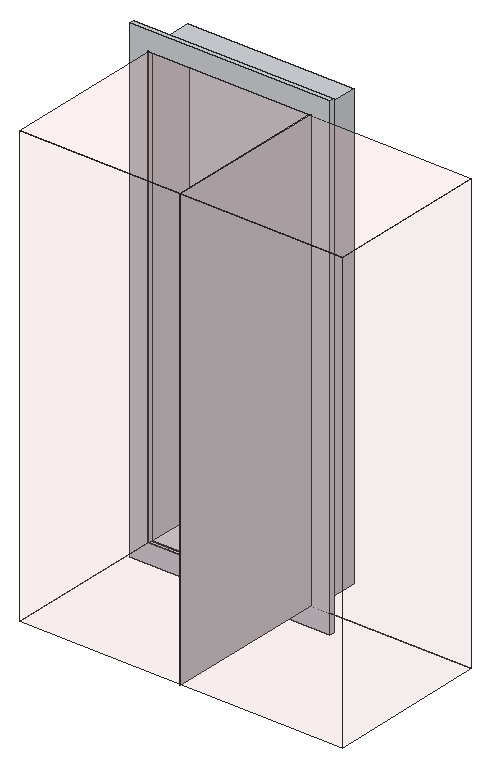
Revit family "Hager-VOLTA-Hollow_wall-IP30-With_Cover-With_DIN-NoHosted-PL-pl", category Electrical Equipment, Revit 2023
Family settings
  Panel Configuration = Two Columns, Circuits Across
  Round Connector Dimension = Use Diameter
  Part Type = Panelboard
  Work Plane-Based = Yes
  Always vertical = Yes
  Cut with Voids When Loaded = No
  Maintain Annotation Orientation = No
  Shared = No
  Room Calculation Point = No
Parameters (values of type "VOLTA-Hollow_wall_W348_H880_D98_0_Modular_Spacing-VH60NWP")
  Width Control [instance] = if([HG000006-Flush mounted-pl], if([EF000846 - Szerokość wbudowania] > min_whd, [EF000846 - Szerokość wbudowania], min_whd), if([EF000008 - Szerokość] > min_whd, ([EF000008 - Szerokość]), min_whd))  # 314.5 mm
  Void Depth [instance] = if([EF000218 - Głębokość wbudowania] > 1 mm, [EF000218 - Głębokość wbudowania], 1 mm)  # 89 mm
  Uniformat code = "D501001"
  Uniformat = "Low Tension Service & Dist."
  Référence = ""
  HGEF0002950-Szerokość wyrażona liczbą modułów = 0
  HGEF000266-Liczba rzędów = 0
  HG000131 - Functional label [instance] = ""
  HG000130 - Functional name [instance] = ""
  HG000099-Onfly Template ID-pl-PL = "507532"
  HG000059-Operating voltage-pl-PL [instance] = 230 V
  HG000017-Distance between poles-pl = 18 mm
  HG000016-Door 3D visibility-pl = yes
  HG000015-Clearance visibility-pl = yes
  HG000014-Door on the right-pl = yes
  HG000013-Door on the left-pl = no
  HG000012-Door swing angle-pl = 90.00°
  HG000011-Empty rows from bottom-pl = no
  HG000010-Asymmetric doors-pl = no
  HG000009-Double swing door-pl = no
  HG000008-Number of empty rows-pl = 0
  HG000007-Number of empty columns-pl = 0
  HG000006-Flush mounted-pl = yes
  HG000005-Thickness-pl = 2 mm
  HG000004-Manufacturer reference-pl = "VH60NWP"
  HG000003-Range-pl = "VOLTA"
  HG000002-with door or cover-pl = yes
  HG000001-Number of columns-pl = 0
  ETIM class name = "Small distribution board"
  ETIM class code = "EC000214"
  EF015941 - Drzwi przepuszczające sygnał = no
  EF015777 - Listwa zaciskowa przewodu neutralnego = no
  EF015776 - Listwa zaciskowa uziemienia = no
  EF009212 - Wykonanie/rodzaj pokrywy = ""
  EF006306 - Z zamkiem = no
  EF006244 - Transparentna pokrywa/drzwi = no
  EF005474 - Stopień ochrony (IP) = "IP30"
  EF004464 - Rodzaj drzwi = ""
  EF004462 - Rodzaj zamknięcia = ""
  EF002950 - Szerokość wyrażona liczbą modułów = 0
  EF001596 - Materiał obudowy = ""
  EF001134 - Szyna DIN = yes
  EF001131 - Głębokość wewnętrzna = 0 mm
  EF001088 - Możliwość rozbudowy = no
  EF001062 - Wykonanie zgodne z Dyrektywą Kompatybilności Elektromagnetycznej EMC = no
  EF000846 - Szerokość wbudowania = 314.5 mm
  EF000339 - Rodzaj pokrywy = ""
  EF000332 - Wysokość wbudowania = 845 mm
  EF000266 - Liczba rzędów = 0
  EF000218 - Głębokość wbudowania = 89 mm
  EF000118 - Z płytą montażową = no
  EF000116 - Numer RAL = 9010
  EF000049 - Głębokość = 98 mm
  EF000040 - Wysokość = 880 mm
  EF000024 - Odporność na promieniowanie UV = no
  EF000008 - Szerokość = 348 mm
  EF000007 - Kolor = ""
  EF000003 - Sposób montażu = "Do ścian pustych"
  Type Comments = ""
  System Height [instance] = Height Control - 2 * [HG000005-Thickness-pl]  # 841 mm
  Reference description = ""
  Reference = "VOLTA-Hollow_wall_W348_H880_D98_0_Modular_Spacing-VH60NWP"
  Panel Name [instance] = ""  # (empty or 0)
  Offset [instance] = 0 mm
  Object type = ""
  Name hager = "ADD_Enclosures_EC000214"
  Name BIM&CO = "Electricity"
  Name = "VOLTA-Hollow_wall-IP30-With_Cover-With_DIN-PL"
  Model = ""
  Level Offset [instance] = [Flush Mounted - Door Frame Width] + Offset  # 35 mm
  HG000060-RAL-number = "9010"
  GTIN (Global Trade Item Number) = ""
  Description = ""
  Default Elevation = 1200 mm
  Creation Date = "12/15/2025 21:47:12"
  Code hager = "ADD-EC000214_EU"
  Code Uniformat = ""
  BIM&CO code = ""
  BC_VARIANT_ID = "1174424"
  BC_OBJECT_VERSION = "#5"  # constant formula
  BC_OBJECT_ID = "513499"  # constant formula
  BC_MODEL_ID = "1547221"  # constant formula
  BC_METADATA = "{\"ObjectGuid\":\"bc35c96e-cb38-443e-833d-0616858cb9ac\",\"ModelGuid\":\"8af03f69-2293-4735-a617-cc53adf55621\",\"VariantGuid\":\"8b6e323b-1b53-409a-a940-11b5a7fc5337\",\"Revision\":\"#4\",\"VariantName\":\"Template-Enclosure_EU-EC000214\"}"
  Arrow Offset [instance] = Depth Control / 8  # 11.125 mm
  Arrow Height [instance] = Depth Control - Arrow Offset  # 77.875 mm
  Host Offset [instance] = if([HG000006-Flush mounted-pl], 0 mm, [EF000049 - Głębokość])  # 0 mm
  min_whd [instance] = (2 * [HG000005-Thickness-pl]) + 1 mm  # 5 mm
  Manufacturer = "Hager"  # constant formula
  Height Control [instance] = if([HG000006-Flush mounted-pl], if([EF000332 - Wysokość wbudowania] > min_whd, [EF000332 - Wysokość wbudowania], min_whd), if([EF000040 - Wysokość] > min_whd, ([EF000040 - Wysokość]), min_whd))  # 845 mm
  Flush Mounted - Door Frame Width [instance] = if(([EF000040 - Wysokość] - [EF000332 - Wysokość wbudowania]) > 0 mm, if([HG000006-Flush mounted-pl], [EF000040 - Wysokość] - [EF000332 - Wysokość wbudowania], 0 mm), 0 mm)  # 35 mm
  Depth Control [instance] = if([HG000006-Flush mounted-pl], if([EF000218 - Głębokość wbudowania] > 0 mm, [EF000218 - Głębokość wbudowania], 1 mm), if([EF000049 - Głębokość] > 0 mm, ([EF000049 - Głębokość]), 1 mm))  # 89 mm
Types (14, lengths in mm): name | Width Control | Void Depth | HGEF0002950-Szerokość wyrażona liczbą modułów | HGEF000266-Liczba rzędów | HG000004-Manufacturer reference-pl | HG000001-Number of columns-pl | EF015777 - Listwa zaciskowa przewodu neutralnego | EF015776 - Listwa zaciskowa uziemienia | EF009212 - Wykonanie/rodzaj pokrywy | EF004462 - Rodzaj zamknięcia | EF002950 - Szerokość wyrażona liczbą modułów | EF001088 - Możliwość rozbudowy | EF000846 - Szerokość wbudowania | EF000332 - Wysokość wbudowania | EF000266 - Liczba rzędów | EF000218 - Głębokość wbudowania | EF000118 - Z płytą montażową | EF000049 - Głębokość | EF000040 - Wysokość | EF000007 - Kolor | System Height | Reference | Level Offset | BC_VARIANT_ID | Arrow Offset | Arrow Height | Height Control | Flush Mounted - Door Frame Width | Depth Control
  VOLTA-Hollow_wall_W348_H356_D98_12_Modular_Spacing-VH12AT | 314.5 | 89 | 12 | 1 | "VH12AT" | 1 | yes | yes | "Z otworem" | "Inne" | 12 | yes | 314.5 | 321 | 1 | 89 | no | 98 | 356 | "Biały" | 317 | "VOLTA-Hollow_wall_W348_H356_D98_12_Modular_Spacing-VH12AT" | 35 | "1174410" | 11.125 | 77.875 | 321 | 35 | 89
  VOLTA-Hollow_wall_W348_H356_D98_12_Modular_Spacing-VH12NE | 314.5 | 89 | 12 | 1 | "VH12NE" | 1 | no | yes | "Z otworem" | "Inne" | 12 | yes | 314.5 | 321 | 1 | 89 | no | 98 | 356 | "Biały" | 317 | "VOLTA-Hollow_wall_W348_H356_D98_12_Modular_Spacing-VH12NE" | 35 | "1174412" | 11.125 | 77.875 | 321 | 35 | 89
  VOLTA-Hollow_wall_W348_H505_D98_12_Modular_Spacing-VH24AT | 314.5 | 89 | 12 | 2 | "VH24AT" | 1 | yes | yes | "Z otworem" | "Inne" | 12 | yes | 314.5 | 470 | 2 | 89 | no | 98 | 505 | "Biały" | 466 | "VOLTA-Hollow_wall_W348_H505_D98_12_Modular_Spacing-VH24AT" | 35 | "1174413" | 11.125 | 77.875 | 470 | 35 | 89
  VOLTA-Hollow_wall_W348_H505_D98_12_Modular_Spacing-VH24NE | 314.5 | 89 | 12 | 2 | "VH24NE" | 1 | no | yes | "Z otworem" | "Inne" | 12 | yes | 314.5 | 470 | 2 | 89 | no | 98 | 505 | "Biały" | 466 | "VOLTA-Hollow_wall_W348_H505_D98_12_Modular_Spacing-VH24NE" | 35 | "1174414" | 11.125 | 77.875 | 470 | 35 | 89
  VOLTA-Hollow_wall_W348_H505_D98_12_Modular_Spacing-VH24NWB | 314.5 | 89 | 12 | 0 | "VH24NWB" | 0 | no | no | "Z otworem" | "Inne" | 12 | yes | 314.5 | 470 | 0 | 89 | yes | 98 | 505 | "Biały" | 466 | "VOLTA-Hollow_wall_W348_H505_D98_12_Modular_Spacing-VH24NWB" | 35 | "1174415" | 11.125 | 77.875 | 470 | 35 | 89
  VOLTA-Hollow_wall_W348_H630_D98_12_Modular_Spacing-VH36AT | 314.5 | 89 | 12 | 3 | "VH36AT" | 1 | yes | yes | "Z otworem" | "Inne" | 12 | yes | 314.5 | 595 | 3 | 89 | no | 98 | 630 | "Biały" | 591 | "VOLTA-Hollow_wall_W348_H630_D98_12_Modular_Spacing-VH36AT" | 35 | "1174416" | 11.125 | 77.875 | 595 | 35 | 89
  VOLTA-Hollow_wall_W348_H630_D98_12_Modular_Spacing-VH36NE | 314.5 | 89 | 12 | 3 | "VH36NE" | 1 | no | yes | "Z otworem" | "Inne" | 12 | yes | 314.5 | 595 | 3 | 89 | no | 98 | 630 | "Biały" | 591 | "VOLTA-Hollow_wall_W348_H630_D98_12_Modular_Spacing-VH36NE" | 35 | "1174417" | 11.125 | 77.875 | 595 | 35 | 89
  VOLTA-Hollow_wall_W348_H630_D98_12_Modular_Spacing-VH36NWB | 314.5 | 89 | 12 | 0 | "VH36NWB" | 0 | no | no | "Z otworem" | "Inne" | 12 | yes | 314.5 | 595 | 0 | 89 | yes | 98 | 630 | "Biały" | 591 | "VOLTA-Hollow_wall_W348_H630_D98_12_Modular_Spacing-VH36NWB" | 35 | "1174418" | 11.125 | 77.875 | 595 | 35 | 89
  VOLTA-Hollow_wall_W348_H755_D98_12_Modular_Spacing-VH48AT | 314.5 | 89 | 12 | 4 | "VH48AT" | 1 | yes | yes | "Z otworem" | "Inne" | 12 | yes | 314.5 | 720 | 4 | 89 | no | 98 | 755 | "Biały" | 716 | "VOLTA-Hollow_wall_W348_H755_D98_12_Modular_Spacing-VH48AT" | 35 | "1174419" | 11.125 | 77.875 | 720 | 35 | 89
  VOLTA-Hollow_wall_W348_H755_D98_12_Modular_Spacing-VH48NE | 314.5 | 89 | 12 | 4 | "VH48NE" | 1 | no | yes | "Z otworem" | "Inne" | 12 | yes | 314.5 | 720 | 4 | 89 | no | 98 | 755 | "Biały" | 716 | "VOLTA-Hollow_wall_W348_H755_D98_12_Modular_Spacing-VH48NE" | 35 | "1174420" | 11.125 | 77.875 | 720 | 35 | 89
  VOLTA-Hollow_wall_W348_H755_D98_12_Modular_Spacing-VH48NWB | 314.5 | 89 | 12 | 0 | "VH48NWB" | 0 | no | no | "Z otworem" | "Inne" | 12 | yes | 314.5 | 720 | 0 | 89 | yes | 98 | 755 | "Biały" | 716 | "VOLTA-Hollow_wall_W348_H755_D98_12_Modular_Spacing-VH48NWB" | 35 | "1174421" | 11.125 | 77.875 | 720 | 35 | 89
  VOLTA-Hollow_wall_W348_H880_D98_12_Modular_Spacing-VH60NC | 314.5 | 89 | 12 | 5 | "VH60NC" | 1 | no | no | "" | "" | 12 | no | 314.5 | 846 | 5 | 89 | no | 98 | 880 | "" | 842 | "VOLTA-Hollow_wall_W348_H880_D98_12_Modular_Spacing-VH60NC" | 34 | "1174422" | 11.125 | 77.875 | 846 | 34 | 89
  VOLTA-Hollow_wall_W348_H880_D94_12_Modular_Spacing-VH60NE | 314 | 90 | 12 | 5 | "VH60NE" | 1 | no | yes | "Z otworem" | "Inne" | 12 | yes | 314 | 846 | 5 | 90 | no | 94 | 880 | "Biały" | 842 | "VOLTA-Hollow_wall_W348_H880_D94_12_Modular_Spacing-VH60NE" | 34 | "1174423" | 11.25 | 78.75 | 846 | 34 | 90
  VOLTA-Hollow_wall_W348_H880_D98_0_Modular_Spacing-VH60NWP | 314.5 | 89 | 0 | 0 | "VH60NWP" | 0 | no | no | "" | "" | 0 | no | 314.5 | 845 | 0 | 89 | no | 98 | 880 | "" | 841 | "VOLTA-Hollow_wall_W348_H880_D98_0_Modular_Spacing-VH60NWP" | 35 | "1174424" | 11.125 | 77.875 | 845 | 35 | 89
Reference planes
  plane 1 "Center (Front/Back)": y = 0
  plane 2: z = 0
  plane 3 "Center (Left/Right)": x = 0
  plane 4: y = 37
  plane 5: y = 89
  plane 6: y = 35
  plane 7: z = 0
  plane 8: x = -157.25
  plane 9: x = 157.25
  plane 10: x = 155.25
  plane 11: x = -155.25
  plane 12: z = 35
  plane 13: z = 37
  plane 14: y = 5
  plane 15: y = 0
  plane 16: y = 87
  plane 17: z = 878
  plane 18: z = 880
  plane 19: z = 457.5
  plane 20: x = 0
  plane 21: y = -100
  plane 22 "Annotation H": y = -300
  plane 23 "Annotation V": x = 357.25
Forms (mm)
  Extrusion 1, solid
    sketch origin (-208.679, -4572, 35) x (-1, 0, 0) y (0, -1, 0)
      loop
        line (-51.429, -4572) -> (-365.929, -4572) -> (-365.929, -4661) -> (-51.429, -4661) -> (-51.429, -4572)
    from 0 to 845 <- "Height Control"
  Extrusion 2, void
    sketch origin (-350.771, 0, 1219.2) x (1, 0, 0) y (0, 0, 1)
      loop
        line (195.521, -341.2) -> (195.521, -1182.2) -> (506.021, -1182.2) -> (506.021, -341.2) -> (195.521, -341.2)
    from 0 to -87
  Extrusion 3, solid, detail levels coarse+medium
    sketch origin (-350.771, 0, 1219.2) x (-1, 0, 0) y (0, 0, 1)
      loop
        line (-195.521, -341.2) -> (-506.021, -341.2) -> (-506.021, -1182.2) -> (-195.521, -1182.2) -> (-195.521, -341.2)
    from 0 to 2 <- "HG000005-Thickness-pl"
Cuts and joins
  Extrusion 2 cuts Extrusion 1
Dimensions and locks
  "Flush Mounted - Door Frame Width": plane 1 "Center (Front/Back)" to plane 6
  "HG000005-Thickness-pl": plane 4 to plane 6
  "HG000005-Thickness-pl": plane 8 to plane 11
  "HG000005-Thickness-pl": plane 9 to plane 10
  equal spacing: plane 8, plane 3 "Center (Left/Right)", plane 9
  "Width Control": plane 8 to plane 9
  locked: plane 14 to plane 15 at 5
  "Host Offset": plane 1 "Center (Front/Back)" to plane 15
  "Depth Control": plane 5 to plane 15
  "HG000005-Thickness-pl": plane 5 to plane 16
  "HG000005-Thickness-pl": plane 13 to plane 12
  "Level Offset": plane 12 to level
  "HG000005-Thickness-pl": plane 18 to plane 17
  "Height Control": plane 18 to plane 12
  "Arrow Offset": plane 5 to nested 4
  equal spacing: plane 18, plane 19, plane 12
  locked: connector elem to plane 19
  locked: connector elem to plane 3 "Center (Left/Right)"
  Extrusion 2 sketch curve to Extrusion 2 sketch curve to plane 9 = 310.5 mm, 2 mm
  locked: plane 9 to plane 23 "Annotation V" at 200
  locked: plane 22 "Annotation H" to plane 1 "Center (Front/Back)" at 300
  aligned and locked: nested 1 to plane 14
  aligned and locked: plane 3 "Center (Left/Right)" to nested 1
  aligned and locked: plane 3 "Center (Left/Right)" to nested 2
  aligned and locked: nested 2 to plane 15
  aligned and locked: plane 5 to Extrusion 1
  aligned and locked: Extrusion 3 sketch curve to plane 17
  aligned and locked: Extrusion 3 sketch curve to plane 11
  aligned and locked: plane 13 to Extrusion 3 sketch curve
  aligned and locked: Extrusion 3 sketch curve to plane 10
  aligned and locked: plane 13 to Extrusion 2 sketch curve
  aligned and locked: Extrusion 2 sketch curve to plane 17
  aligned and locked: plane 16 to Extrusion 2
  aligned and locked: plane 5 to Extrusion 1 sketch curve
  aligned and locked: plane 9 to Extrusion 1 sketch curve
  aligned and locked: plane 8 to Extrusion 1 sketch curve
  aligned and locked: plane 8 to nested 4
  aligned and locked: plane 8 to nested 3
  aligned and locked: nested 3 to plane 5
  aligned and locked: Extrusion 1 sketch curve to plane 15
  aligned and locked: Extrusion 2 to plane 15
  aligned and locked: nested 5 to plane 22 "Annotation H"
  aligned and locked: plane 23 "Annotation V" to nested 5
  aligned and locked: plane 11 to Extrusion 2
  aligned and locked: plane 10 to Extrusion 2
Nested families
  nested 1: "Hager_Enclosure_System" at (0, 5, 37), Height <- "System Height", Width_Control <- "Width Control", Built-in_Width <- "EF000846 - Szerokość wbudowania", Width <- "EF000008 - Szerokość", Depth <- "HG000005-Thickness-pl", Border <- "HG000005-Thickness-pl", Distance_Between_Poles <- "HG000017-Distance between poles-pl", Flush_Mounted <- "HG000006-Flush mounted-pl", Empty_Columns <- "HG000007-Number of empty columns-pl", Total_No_Empty_Rows <- "HG000008-Number of empty rows-pl", Empty_Rows_From_Bottom <- "HG000011-Empty rows from bottom-pl", Columns_Count <- "HG000001-Number of columns-pl", Rows_Count <- "HGEF000266-Liczba rzędów", Row_Module_Multiplicator <- "HGEF0002950-Szerokość wyrażona liczbą modułów", type "Hager_Enclosure_System", detail levels medium+fine
    with Width_Control 314.5 mm, Width 348 mm, Total_No_Rows 0, Total_No_Empty_Rows 0, Total_No_Columns 1, System_Width 310.5 mm, Rows_Count 0, Rows_Column 0, Row_Module_Multiplicator 0, Panel_4 no, Panel_3 no, Panel_2 no, Panel_1 no, No_Panels_Ctrl 1, Hide_Columns yes, Height 841 mm, Flush_Mounted yes, Empty_Rows_From_Bottom no, Empty_Rows_Column 0, Empty_Columns 0, Empty column 4 0, Empty column 3 0, Empty column 2 0, Empty column 1 0, Distance_Between_Poles 18 mm, Depth 2 mm, Columns_Count 0, Column_Width 310.5 mm, Built-in_Width 314.5 mm, Border 2 mm
  nested 2: "Hager_Enclosure_Door" at (0, 0, 35), Height_Ctrl <- "Height Control", Width_Ctrl <- "Width Control", BuiltIn_Depth <- "EF000218 - Głębokość wbudowania", Depth <- "EF000049 - Głębokość", BuiltIn_Width <- "EF000846 - Szerokość wbudowania", Height <- "EF000040 - Wysokość", BuiltIn_Height <- "EF000332 - Wysokość wbudowania", Width <- "EF000008 - Szerokość", Transparent <- "EF006244 - Transparentna pokrywa/drzwi", Border <- "HG000005-Thickness-pl", Door <- "HG000002-with door or cover-pl", Flush_Mounted <- "HG000006-Flush mounted-pl", Double <- "HG000009-Double swing door-pl", Assymetrical <- "HG000010-Asymmetric doors-pl", Angle <- "HG000012-Door swing angle-pl", Door_Left <- "HG000013-Door on the left-pl", Door_Right <- "HG000014-Door on the right-pl", Clearance <- "HG000015-Clearance visibility-pl", 3d_Door <- "HG000016-Door 3D visibility-pl", type "Hager_Enclosure_Door", detail levels medium+fine
    with min_wh 5 mm, Width_Ctrl 314.5 mm, Width 348 mm, Transparent_Door_No_Bottom_Border no, Transparent no, Leaf_Width 307.5 mm, Leaf_Tolerance 1.5 mm, Leaf_Height 838 mm, Leaf_2_Width 307.5 mm, Leaf_2_Offset 153.75 mm, Leaf_1_Width 307.5 mm, Leaf_1_Offset 153.75 mm, Height_Ctrl 845 mm, Height 880 mm, Frame_Width_Ctrl 33.5 mm, Frame_Width 33.5 mm, Frame_Internal_Offset 2 mm, Frame_Height_Ctrl 35 mm, Frame_Height 35 mm, Frame_Depth_Ctrl 9 mm, Frame_Depth 9 mm, Flush_Mounted yes, Double_Clearance_Ctrl no, Double no, Door_Right_Ctrl yes, Door_Right yes, Door_Left_Ctrl no, Door_Left no, Door yes, Depth 98 mm, Clearance_Depth 307.5 mm, Clearance_Ctrl yes, Clearance yes, BuiltIn_Width 314.5 mm, BuiltIn_Height 845 mm, BuiltIn_Depth 89 mm, Border 2 mm, Assymetrical no, Angle 90.00°, 3d_Door yes
  nested 3: "Hager_Enclosure_Symbol_Triangle" at (-157.25, 89, 0), Depth <- "Depth Control", Width <- "Width Control", type "Hager_Enclosure_Symbol_Triangle"
    with Width_Ctrl 314.5 mm, Width 314.5 mm, Depth_Ctrl 89 mm, Depth 89 mm
  nested 4: "Hager_Enclosure_Symbol_Arrow" at (-157.25, 77.875, 0), Height <- "Arrow Height", type "Hager_Enclosure_Symbol_Arrow"
    with Width_Inside 5.841 mm, Width 70.087 mm, Height_Ctrl 77.875 mm, Height 77.875 mm
  nested 5: "Hager_Annotation-HG000130" at (357.25, -300, 0), HG000130 - Functional name <- "HG000130 - Functional name", type "Hager_Annotation-HG000130"
    with HG000130 - Functional name ""
Connectors
  electrical at (0, 89, 457.5), driven by "HG000059-Operating voltage-pl-PL"
    settings: on plane 5, index 1, voltage 230 V, apparent load 0 VA, apparent load phase1 0 VA, apparent load phase2 0 VA, apparent load phase3 0 VA, power factor 1, load classification "Other", number of poles 1, system type 30, power factor state 1, is connector primary yes, connector utility no, sub classification motor no, connector description ""
Definition of nested family "Hager_Enclosure_Door"
  Parameters (values of type "Hager_Enclosure_Door")
    min_wh [instance] = (2 * Border) + 1 mm  # 11 mm
    Width_Ctrl [instance] = 400 mm
    Width [instance] = 500 mm
    Transparent_Door_No_Bottom_Border [instance] = no
    Transparent [instance] = yes
    Leaf_Width [instance] = if((Width_Ctrl - 2 * Border - 2 * Leaf_Tolerance) > 0 mm, (Width_Ctrl - 2 * Border - 2 * Leaf_Tolerance), min_wh)  # 387 mm
    Leaf_Tolerance [instance] = 1.5 mm  # constant formula
    Leaf_Height [instance] = if((Height_Ctrl - 2 * Border - 2 * Leaf_Tolerance) > 0 mm, (Height_Ctrl - 2 * Border - 2 * Leaf_Tolerance), min_wh)  # 387 mm
    Leaf_2_Width [instance] = if(and(and(Double, Assymetrical), Door_Left), (Leaf_Width / 3) - (Leaf_Tolerance / 2), if(and(and(Double, Assymetrical), Door_Right), (Leaf_Width / 3) * 2 - (Leaf_Tolerance / 2), if(and(Double, not(Assymetrical)), (Leaf_Width / 2) - Leaf_Tolerance, Leaf_Width)))  # 387 mm
    Leaf_2_Offset [instance] = if(and(Double, Assymetrical), Leaf_2_Width / 2, if(and(Double, not(Assymetrical)), Leaf_Width / 4, Leaf_Width / 2))  # 193.5 mm
    Leaf_1_Width [instance] = if(and(and(Double, Assymetrical), Door_Right), (Leaf_Width / 3) - (Leaf_Tolerance / 2), if(and(and(Double, Assymetrical), Door_Left), (Width / 3) * 2 - (Leaf_Tolerance / 2), if(and(Double, not(Assymetrical)), (Leaf_Width / 2) - Leaf_Tolerance, Leaf_Width)))  # 387 mm
    Leaf_1_Offset [instance] = if(and(Double, Assymetrical), Leaf_1_Width / 2, if(and(Double, not(Assymetrical)), Leaf_Width / 4, Leaf_Width / 2))  # 193.5 mm
    Height_Ctrl [instance] = 400 mm
    Height [instance] = 500 mm
    Frame_Width_Ctrl [instance] = if(Frame_Width > 0 mm, Frame_Width, 1 mm)  # 1 mm
    Frame_Width [instance] = Width - BuiltIn_Width  # 0 mm
    Frame_Internal_Offset [instance] = if(Flush_Mounted, Border, 0 mm)  # 5 mm
    Frame_Height_Ctrl [instance] = if(Frame_Height > 0 mm, Frame_Height, 1 mm)  # 1 mm
    Frame_Height [instance] = Height - BuiltIn_Height  # 0 mm
    Frame_Depth_Ctrl [instance] = if(Frame_Depth > 0 mm, Frame_Depth, 1 mm)  # 1 mm
    Frame_Depth [instance] = if(Depth - BuiltIn_Depth > 0 mm, if(Flush_Mounted, Depth - BuiltIn_Depth, 0 mm), 0 mm)  # 0 mm
    Flush_Mounted [instance] = yes
    Double_Clearance_Ctrl [instance] = and(Double, Clearance)  # no
    Double [instance] = no
    Door_Right_Ctrl [instance] = and(or(Door_Right, Double), Door)  # yes
    Door_Right [instance] = yes
    Door_Left_Ctrl [instance] = and(or(Door_Left, Double), Door)  # no
    Door_Left [instance] = no
    Door [instance] = yes
    Depth [instance] = 500 mm
    Default Elevation = 1219.2 mm
    Clearance_Material = none
    Clearance_Depth [instance] = if(Leaf_1_Width > Leaf_2_Width, Leaf_1_Width, Leaf_2_Width)  # 387 mm
    Clearance_Ctrl [instance] = and(not(Double), Clearance)  # yes
    Clearance [instance] = yes
    BuiltIn_Width [instance] = 500 mm
    BuiltIn_Height [instance] = 500 mm
    BuiltIn_Depth [instance] = 500 mm
    Border [instance] = 5 mm
    Assymetrical [instance] = yes
    Angle [instance] = 30.00°
    3d_Door [instance] = yes
  Reference planes
    plane 1 "Center (Front/Back)": y = 0
    plane 2 "Bottom": z = 0
    plane 3 "Center (Left/Right)": x = 0
    plane 4: z = 400
    plane 5: x = -200
    plane 6: x = 200
    plane 7: z = 395
    plane 8: x = -195
    plane 9: z = 5
    plane 10: x = 195
    plane 11: y = 0
    plane 12: z = 6.5
    plane 13: x = -582
    plane 14: y = -387
    plane 15: x = 582
    plane 16: x = 0
    plane 17: x = 0
    plane 18: x = -193.5
    plane 19: x = 193.5
    plane 20: z = 393.5
  Forms (mm)
    Extrusion 1, solid, visible <- "Flush_Mounted"
      sketch origin (0, 0, 0) x (1, 0, 0) y (0, 0, 1)
        loop
          line (195, 5) -> (195, 395) -> (-195, 395) -> (-195, 5) -> (195, 5)
        loop
          line (-201, 401) -> (-201, -1) -> (201, -1) -> (201, 401) -> (-201, 401)
      from 0 to 1 <- "Frame_Depth_Ctrl"
    Extrusion 2, solid, material <- "Clearance_Material", visible <- "Double_Clearance_Ctrl"
      sketch origin (1200, 0, 0) x (1, 0, 0) y (0, 0, -1)
        loop
          line (-1782, -393.5) -> (-618, -393.5) -> (-618, 0) -> (-1782, 0) -> (-1782, -393.5)
      from 0 to -387
  Dimensions and locks
    equal spacing: plane 5, plane 3 "Center (Left/Right)", plane 6
    "Width_Ctrl": plane 5 to plane 6
    "Border": plane 5 to plane 8
    "Border": plane 6 to plane 10
    "Border": plane 9 to level
    "Border": plane 4 to plane 7
    "Height_Ctrl": plane 4 to level
    "Leaf_Tolerance": plane 12 to plane 9
    "Frame_Depth": plane 11 to plane 1 "Center (Front/Back)"
    "Frame_Width_Ctrl": plane 5 to Extrusion 1 sketch curve
    "Frame_Width_Ctrl": plane 6 to Extrusion 1 sketch curve
    "Frame_Width_Ctrl": Extrusion 1 sketch curve to plane 4
    "Frame_Width_Ctrl": plane 2 "Bottom" to Extrusion 1 sketch curve
    "Leaf_1_Offset": plane 18 to plane 16
    "Leaf_2_Offset": plane 17 to plane 19
    "Leaf_1_Width": plane 13 to plane 8
    "Leaf_2_Width": plane 10 to plane 15
    "Clearance_Depth": plane 14 to plane 1 "Center (Front/Back)"
    "Leaf_Tolerance": plane 8 to plane 18
    "Leaf_Tolerance": plane 19 to plane 10
    "Leaf_Tolerance": plane 7 to plane 20
    "Frame_Internal_Offset": plane 5 to Extrusion 1 sketch curve
    "Frame_Internal_Offset": Extrusion 1 sketch curve to plane 2 "Bottom"
    "Frame_Internal_Offset": plane 6 to Extrusion 1 sketch curve
    "Frame_Internal_Offset": plane 4 to Extrusion 1 sketch curve
    aligned and locked: level to plane 2 "Bottom"
    aligned and locked: nested 1 to plane 16
    aligned and locked: nested 2 to plane 17
    aligned and locked: Extrusion 2 to plane 13
    aligned and locked: plane 15 to Extrusion 2
    aligned and locked: Extrusion 2 to plane 14
    aligned and locked: plane 12 to nested 1
    aligned and locked: nested 2 to plane 12
    aligned and locked: Extrusion 2 to plane 11
    aligned and locked: plane 20 to Extrusion 2
    aligned and locked: nested 2 to plane 11
    aligned and locked: nested 1 to plane 11
  Automatic sketch dimensions
    Extrusion 2 sketch curve to level = 0 mm
    plane 5 to Extrusion 2 sketch curve = 382 mm
    plane 6 to Extrusion 2 sketch curve = 382 mm
    Extrusion 2 sketch curve to plane 4 = 6.5 mm
  Nested families
    nested 1: "Hager_Enclosure_Door_Leaf" at (0, 0, 6.5), Width <- "Leaf_1_Width", visible <- "Door_Left_Ctrl", Leaf_Height <- "Leaf_Height", Angle <- "Angle", Depth <- "Border", 3d_Door <- "3d_Door", Transparent <- "Transparent", Clearance Material <- "Clearance_Material", Clearance <- "Clearance_Ctrl", Transparent_Door_No_Bottom_Border <- "Transparent_Door_No_Bottom_Border", type "Hager_Enclosure_Door_Leaf"
      with Width 387 mm, Transparent_Door_No_Bottom_Border no, Transparent_Door_Border_Bottom_Top 25 mm, Transparent_Door_Border 25 mm, Transparent_Ctrl yes, Transparent yes, Standard no, Leaf_Height 387 mm, Glass_Offset 1 mm, Depth 5 mm, Clearance Material none, Clearance yes, Angle_Ctrl 30.00°, Angle 30.00°, 3d_Door yes
    nested 2: "Hager_Enclosure_Door_Leaf" at (0, 0, 6.5) x (-1, 0, 0) z (0, 0, 1), Width <- "Leaf_2_Width", visible <- "Door_Right_Ctrl", Leaf_Height <- "Leaf_Height", Angle <- "Angle", Depth <- "Border", 3d_Door <- "3d_Door", Transparent <- "Transparent", Clearance Material <- "Clearance_Material", Clearance <- "Clearance_Ctrl", Transparent_Door_No_Bottom_Border <- "Transparent_Door_No_Bottom_Border", type "Hager_Enclosure_Door_Leaf"
      with Width 387 mm, Transparent_Door_No_Bottom_Border no, Transparent_Door_Border_Bottom_Top 25 mm, Transparent_Door_Border 25 mm, Transparent_Ctrl yes, Transparent yes, Standard no, Leaf_Height 387 mm, Glass_Offset 1 mm, Depth 5 mm, Clearance Material none, Clearance yes, Angle_Ctrl 30.00°, Angle 30.00°, 3d_Door yes
  Definition of nested family "Hager_Enclosure_Door_Leaf"
    Parameters (values of type "Hager_Enclosure_Door_Leaf")
      Width [instance] = 2000 mm
      Transparent_Door_No_Bottom_Border [instance] = yes
      Transparent_Door_Border_Bottom_Top [instance] = if(Transparent_Door_No_Bottom_Border, 0.1 mm, Transparent_Door_Border)  # 0.1 mm
      Transparent_Door_Border [instance] = if(Transparent_Door_No_Bottom_Border, (Width * 0.12), 25 mm)  # 240 mm
      Transparent_Ctrl [instance] = and(Transparent, [3d_Door])  # yes
      Transparent [instance] = yes
      Standard [instance] = and(not(Transparent), [3d_Door])  # no
      Leaf_Height [instance] = 2720.336 mm
      Glass_Offset [instance] = if((Depth - 10 mm) / 2 > 0 mm, (Depth - 10 mm) / 2, 1 mm)  # 15 mm
      Glass_Material = none
      Depth [instance] = 40 mm
      Default Elevation = 0 mm
      Clearance Material [instance] = none
      Clearance [instance] = yes
      Angle_Ctrl [instance] = if(Angle > 170.00°, 170.00°, Angle)  # 45.00°
      Angle [instance] = 45.00°
      3d_Door [instance] = yes
    Reference planes
      plane 1 "Center (Front/Back)": y = 0
      plane 2: z = 0
      plane 3 "Center (Left/Right)": x = 0
      plane 4: y = 2000
      plane 5: x = -1000
      plane 6: x = 1000
      plane 7: x = -3000
      plane 8: z = 2720.336
      plane 9: z = 0.1
      plane 10: z = 2720.236
      plane 11: x = 760
      plane 12: x = -760
    Forms (mm)
      Extrusion 1, solid, material <- "Clearance Material", visible <- "Clearance"
        sketch origin (0, 0, 0) x (1, 0, 0) y (0, 0, 1)
          loop
            line (-3000, 2720.336) -> (-3000, 0) -> (1000, 0) -> (1000, 2720.336) -> (-3000, 2720.336)
        from 0 to -2000
      Extrusion 2, solid, visible <- "Standard", detail levels medium+fine
        sketch origin (-1000, 0, 0) x (0.707107, 0.707107, 0) y (-0.707107, 0.707107, 0)
          loop
            line (0, -40) -> (2000, -40) -> (2000, 0) -> (0, 0) -> (0, -40)
        from 0 to 2720.336 <- "Leaf_Height"
      Extrusion 3, solid, visible <- "Transparent_Ctrl", detail levels medium+fine
        sketch origin (-1000, 0, 0) x (0.707107, 0.707107, 0) y (-0.707107, 0.707107, 0)
          loop
            line (0, -40) -> (2000, -40) -> (2000, 0) -> (0, 0) -> (0, -40)
        from 0 to 2720.336 <- "Leaf_Height"
      Extrusion 4, void, detail levels medium+fine
        sketch origin (-1000, 0, 0) x (-0.707107, 0.707107, 0) y (0.707107, 0.707107, 0)
          loop
            line (0, 240) -> (0, 1760) -> (-40, 1760) -> (-40, 240) -> (0, 240)
        from -2720.236 to -0.1
      Extrusion 5, solid, material <- "Glass_Material", visible <- "Transparent_Ctrl", detail levels medium+fine
        sketch origin (-1000, 0, 0) x (0.707107, 0.707107, 0) y (-0.707107, 0.707107, 0)
          loop
            line (240, -15) -> (240, -25) -> (1760, -25) -> (1760, -15) -> (240, -15)
        from 0.1 to 2720.236
    Cuts and joins
      Extrusion 4 cuts Extrusion 3
    Lines and regions (mm)
      symbolic lines
        curve 1: line (1000, 0, 0) -> (-3000, 0, 0)
        curve 2: arc (1000, 0, 0) -> (-1000, 2000, 0) -> (-3000, 0, 0) r 2000
        curve 4: line (-1000, 0, 0) -> (414.214, 1414.214, 0)
      reference lines
        curve 3: line (-1000, 0, 0) -> (414.214, 1414.214, 0)
      symbolic lines, detail levels medium+fine
        curve 5: line (414.214, 1414.214, 0) -> (442.498, 1385.929, 0)
        curve 6: line (442.498, 1385.929, 0) -> (-971.716, -28.284, 0)
        curve 7: line (-971.716, -28.284, 0) -> (-1000, 0, 0)
        curve 8: line (-1000, 0, 2720.336) -> (1000, 0, 2720.336)
        curve 9: line (-1000, 0, 0) -> (-1000, 0, 2720.336)
        curve 10: line (1000, 0, 0) -> (-1000, 0, 0)
        curve 11: line (1000, 0, 2720.336) -> (1000, 0, 0)
      symbolic lines, visible <- "Transparent_Ctrl", detail levels medium+fine
        curve 12: line (-760, 0, 2720.236) -> (760, 0, 2720.236)
        curve 13: line (-760, 0, 0.1) -> (-760, 0, 2720.236)
        curve 14: line (760, 0, 0.1) -> (-760, 0, 0.1)
        curve 15: line (760, 0, 2720.236) -> (760, 0, 0.1)
    Dimensions and locks
      "Width": plane 1 "Center (Front/Back)" to plane 4
      equal spacing: plane 5, plane 3 "Center (Left/Right)", plane 6
      "Width": plane 5 to plane 6
      "Width": plane 7 to plane 5
      "Leaf_Height": plane 8 to level
      "Depth": curve 6 to curve 3
      "Width": curve 5 to curve 3
      "Width": curve 3 to curve 3
      "Transparent_Door_Border": Extrusion 4 sketch curve to curve 7
      "Transparent_Door_Border": Extrusion 4 sketch curve to curve 5
      "Transparent_Door_Border_Bottom_Top": plane 8 to plane 10
      "Transparent_Door_Border_Bottom_Top": plane 9 to level
      "Glass_Offset": Extrusion 5 sketch curve to curve 4
      "Glass_Offset": Extrusion 5 sketch curve to curve 6
      "Transparent_Door_Border": Extrusion 5 sketch curve to curve 5
      "Transparent_Door_Border": Extrusion 5 sketch curve to curve 7
      "Transparent_Door_Border": plane 12 to plane 5
      "Transparent_Door_Border": plane 6 to plane 11
      "Angle_Ctrl": angle plane 1 "Center (Front/Back)" to curve 3
      aligned and locked: level to plane 2
      aligned and locked: Extrusion 1 to curve 1
      aligned and locked: plane 6 to Extrusion 1
      aligned and locked: Extrusion 1 to plane 1 "Center (Front/Back)"
      aligned and locked: plane 4 to Extrusion 1
      aligned and locked: plane 8 to Extrusion 1
      aligned and locked: curve 4 to curve 3
      aligned and locked: Extrusion 2 sketch curve to curve 7
      aligned and locked: Extrusion 2 sketch curve to curve 6
      aligned and locked: Extrusion 2 sketch curve to curve 5
      aligned and locked: Extrusion 2 sketch curve to curve 3
      aligned and locked: curve 7 to Extrusion 3 sketch curve
      aligned and locked: Extrusion 3 sketch curve to curve 4
      aligned and locked: Extrusion 3 sketch curve to curve 6
      aligned and locked: Extrusion 3 sketch curve to curve 5
      aligned and locked: curve 4 to Extrusion 4 sketch curve
      aligned and locked: curve 6 to Extrusion 4 sketch curve
      aligned and locked: Extrusion 4 to plane 9
      aligned and locked: Extrusion 4 to plane 10
      aligned and locked: Extrusion 5 to plane 9
      aligned and locked: Extrusion 5 to plane 10
      aligned and locked: curve 8 to plane 8
      aligned and locked: plane 5 to curve 9
      aligned and locked: plane 2 to curve 10
      aligned and locked: curve 11 to plane 6
      aligned and locked: plane 10 to curve 12
      aligned and locked: plane 12 to curve 13
      aligned and locked: curve 14 to plane 9
      aligned and locked: plane 11 to curve 15
    Automatic sketch dimensions
      plane 1 "Center (Front/Back)" to curve 2 = 0 mm
      curve 2 to plane 5 = 0 mm
      Extrusion 1 sketch curve to level = 0 mm
      Extrusion 1 sketch curve to plane 7 = 0 mm
      Extrusion 1 sketch curve to plane 6 = 0 mm
      Extrusion 1 sketch curve to plane 8 = 0 mm
      plane 1 "Center (Front/Back)" to curve 3 = 0 mm
      curve 3 to plane 5 = 0 mm
      curve 7 to curve 3 = 0 mm
Definition of nested family "Hager_Enclosure_Symbol_Triangle"
  Parameters (values of type "Hager_Enclosure_Symbol_Triangle")
    Width_Ctrl [instance] = if(Width > 1 mm, Width, 1 mm)  # 498 mm
    Width [instance] = 498 mm
    Depth_Ctrl [instance] = if(Depth > 1 mm, Depth, 1 mm)  # 72 mm
    Depth [instance] = 72 mm
  Reference planes
    plane 1 "Centre (avant/arrière)": y = 0
    plane 2: z = 0
    plane 3 "Centre (gauche/droite)": x = 0
  Lines and regions (mm)
    Filled region 1, type "Solid_Black", in view "Niveau de réf."
      outline origin (0, 0, 0) x (1, 0, 0) y (0, 1, 0)
        loop
          line (0, 0) -> (498, 0) -> (498, 72) -> (0, 0)
    reference lines, in view "Niveau de réf."
      curve 1: line (-206.153, 72, 0) -> (1083.258, 72, 0)
      curve 2: line (498, 405.456, 0) -> (498, -517.619, 0)
  Dimensions and locks
    "Depth_Ctrl": plane 1 "Centre (avant/arrière)" to curve 1
    "Width_Ctrl": plane 3 "Centre (gauche/droite)" to curve 2
    aligned and locked: curve 1 to Filled region 1 sketch curve
    aligned and locked: Filled region 1 sketch curve to plane 1 "Centre (avant/arrière)"
    aligned and locked: curve 2 to Filled region 1 sketch curve
    aligned and locked: plane 3 "Centre (gauche/droite)" to Filled region 1 sketch curve
    aligned and locked: plane 1 "Centre (avant/arrière)" to Filled region 1 sketch curve
  Automatic sketch dimensions
    curve 1 to plane 3 "Centre (gauche/droite)" = 206.153 mm
    curve 2 to curve 1 = 585.258 mm
    plane 1 "Centre (avant/arrière)" to curve 2 = 517.619 mm
    curve 2 to plane 1 "Centre (avant/arrière)" = 405.456 mm
Definition of nested family "Hager_Enclosure_Symbol_Arrow"
  Parameters (values of type "Hager_Enclosure_Symbol_Arrow")
    Width_Inside [instance] = if(Width / 12 > 2 mm, Width / 12, 2 mm)  # 4.987 mm
    Width [instance] = if(Height_Ctrl * 0.9 > 2 mm, Height_Ctrl * 0.9, 2 mm)  # 59.85 mm
    Height_Ctrl [instance] = if(Height > 2 mm, Height, 2 mm)  # 66.5 mm
    Height [instance] = 66.5 mm
  Reference planes
    plane 1 "Centre (avant/arrière)": y = 0
    plane 2: z = 0
    plane 3 "Centre (gauche/droite)": x = 0
    plane 4: x = 59.85
    plane 5: y = 28.263
    plane 6: y = 38.238
    plane 7: y = 66.5
    plane 8: x = 29.925
    plane 9: y = 33.25
  Lines and regions (mm)
    Filled region 1, type "Solid_Black", in view "Niveau de réf."
      outline origin (0, 0, 0) x (1, 0, 0) y (0, 1, 0)
        loop
          line (59.85, 66.5) -> (37.929, 52.827) -> (51.846, 41.935) -> (59.85, 66.5)
    detail lines, in view "Niveau de réf."
      curve 1: line (0, 0, 0) -> (29.925, 38.238, 0)
      curve 2: line (29.925, 38.238, 0) -> (29.925, 28.263, 0)
      curve 3: line (29.925, 28.263, 0) -> (59.85, 66.5, 0)
  Dimensions and locks
    "Width": plane 3 "Centre (gauche/droite)" to plane 4
    "Height_Ctrl": plane 7 to plane 1 "Centre (avant/arrière)"
    equal spacing: plane 3 "Centre (gauche/droite)", plane 8, plane 4
    equal spacing: plane 7, plane 9, plane 1 "Centre (avant/arrière)"
    equal spacing: plane 6, plane 9, plane 5
    "Width_Inside": plane 6 to plane 9
    equal spacing: curve 3, Filled region 1 sketch curve, Filled region 1 sketch curve
    angle Filled region 1 sketch curve to curve 3 = 20.00°
    angle curve 3 to Filled region 1 sketch curve = 20.00°
    locked: curve 3 to Filled region 1 sketch curve (angle 90.00°)
  Automatic sketch dimensions
    plane 1 "Centre (avant/arrière)" to curve 1 = 0 mm
    curve 1 to plane 3 "Centre (gauche/droite)" = 0 mm
    curve 2 to plane 6 = 0 mm
    curve 3 to plane 8 = 0 mm
    curve 3 to plane 4 = 0 mm
    curve 2 to plane 5 = 0 mm
    curve 3 to plane 7 = 0 mm
    Filled region 1 sketch curve to plane 4 = 0 mm
    Filled region 1 sketch curve to plane 7 = 0 mm
Definition of nested family "Hager_Annotation-HG000130"
  Parameters (values of type "Hager_Annotation-HG000130")
    HG000130 - Functional name [instance] = ""
  Reference planes
    plane 1: y = 0
    plane 2: x = 0
  Lines and regions (mm)
    detail lines
      curve 1: line (-27.5, 10, 0) -> (27.5, 10, 0)
      curve 2: line (-27.5, -10, 0) -> (-27.5, 10, 0)
      curve 3: line (27.5, -10, 0) -> (-27.5, -10, 0)
      curve 4: line (27.5, 10, 0) -> (27.5, -10, 0)
  Text (mm)
    label "HG000130 - Functional name" at (0.16, 0.026, 0), shows "HG000130 - Functional name"
